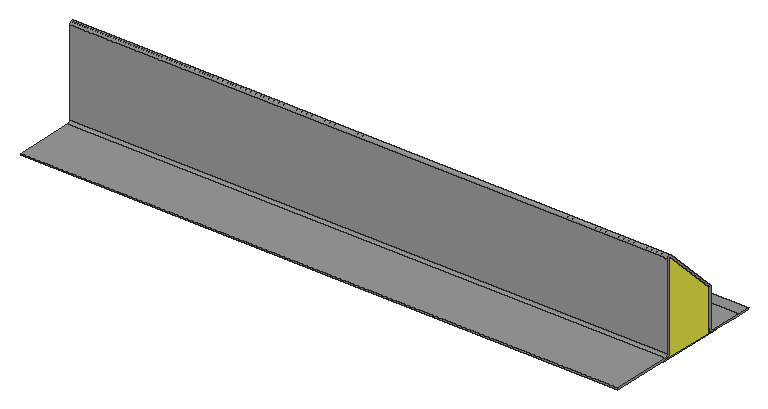
Revit family "SK 110 WIL", category Generic Models, Revit 2014
Parameters (values of type "Max lintel length 4000mm")
  URL = "http://www.keystonelintels.co.uk"
  Structural Opening [instance] = 900 mm
  Structural Performance = "The Keystone lintel range has safe working loads as detailed in each applicable loading table in the Keystone Lintel Guide brochure. The structural performance figures within each table have been ascertained by testing in accordance with the requirements of standards BS EN 5977-2: 1983 and BS EN 845-2: 2003."
  RIBA Productor Selector = "available for Keystone Lintels Ltd from Keystone Lintels Ltd from ribaproductselector.com"
  Model = "S/K 110 WIL"
  Min Length = 600 mm
  Min Clear Span = 300 mm
  Max Length = 4000 mm
  Max Clear Span = 4000 mm
  Material - Stainless Steel = "Grade 304 2b 1.4307 to BS EN 10088-2. Other grades available on request: contact manufacturer."
  Material - Galvanised Steel = "To BS EN 10346: 2009. DX51D plus Z600 or grade Z275 to BS 5977-2: 1983 (BS EN 845-2: 2003)."
  Manufacturer = "Keystone"
  Manufactured Length [instance] = (roundup(Effective Length / 150 mm) * 150 mm)  # 1200 mm
  Lintel height [instance] = 2100 mm
  Keynote = "F30/755"
  Fire Performance = "Keystone lintels have been subjected to a fire test (WARRES No. 101263) in accordance with BS 476-20: 1987, at Exova Warrington Fire and achieved a one hour fire performance."
  End Bearing = 150 mm
  Effective Length [instance] = Clear Opening with MIN MAX set + End Bearing * 2  # 1200 mm
  Corrosion = "Keystone’s standard range of lintels are manufactured from high quality grade pre-galvanized carbon steel with a zinc coating of 600"
  Contact Tel = "+44 (0)28 8676 2184"
  Contact Email = "info@keystonelintels.co.uk"
  Clear Opening with MIN MAX set [instance] = if(Structural Opening < Min Clear Span, Min Clear Span, (if(Structural Opening > Max Clear Span, Max Clear Span, Structural Opening)))  # 900 mm
  CPD Information = "Available for Keystone Lintels Ltd from ribacpd.com"
Reference planes
  plane 1 "Center (Front/Back)": y = 0
  plane 2: z = 0
  plane 3 "Center (Left/Right)": x = 0
  plane 4: x = -600
  plane 5: x = 600
  plane 6: z = 2100
  plane 7: x = -450
  plane 8: x = 450
Forms (mm)
  Extrusion 1, solid, not visible
    sketch origin (0, 972.458, 1220.046) x (0, 1, 0) y (0, 0, 1)
      loop
        line (-565.486, 1015.302) -> (-590.486, 1016.165) -> (-655.486, 1016.165)
        arc (-655.486, 1016.165) -> (-659.021, 1017.629) -> (-660.486, 1021.164) r 5
        line (-660.486, 1021.164) -> (-660.507, 1120.925)
        arc (-660.507, 1120.925) -> (-660.966, 1122.995) -> (-662.257, 1124.678) r 4.9
        line (-662.257, 1124.678) -> (-760.45, 1207.071)
        arc (-760.45, 1207.071) -> (-765.671, 1207.758) -> (-768.5, 1203.317) r 4.9
        line (-768.5, 1203.317) -> (-768.486, 1021.165)
        arc (-768.486, 1021.165) -> (-769.95, 1017.629) -> (-773.486, 1016.165) r 5
        line (-773.486, 1016.165) -> (-868.486, 1016.165) -> (-868.486, 1013.265) -> (-773.486, 1013.265)
        arc (-773.486, 1013.265) -> (-767.9, 1015.579) -> (-765.586, 1021.165) r 7.9
        line (-765.586, 1021.165) -> (-765.6, 1203.317)
        arc (-765.6, 1203.317) -> (-764.445, 1205.13) -> (-762.314, 1204.849) r 2
        line (-762.314, 1204.849) -> (-664.121, 1122.456)
        arc (-664.121, 1122.456) -> (-663.595, 1121.769) -> (-663.407, 1120.924) r 2
        line (-663.407, 1120.924) -> (-663.386, 1021.163)
        arc (-663.386, 1021.163) -> (-661.072, 1015.578) -> (-655.486, 1013.265) r 7.9
        line (-655.486, 1013.265) -> (-590.536, 1013.265) -> (-565.586, 1012.403) -> (-565.486, 1015.302)
    from 0 to 250
  Extrusion 2, solid, not visible
    sketch origin (0, 488.989, 1308.636) x (0, 1, 0) y (0, 0, 1)
      loop
        line (-663.386, 1021.163) -> (-663.407, 1120.924)
        arc (-663.407, 1120.924) -> (-663.595, 1121.769) -> (-664.121, 1122.456) r 2
        line (-664.121, 1122.456) -> (-762.314, 1204.849)
        arc (-762.314, 1204.849) -> (-764.445, 1205.13) -> (-765.6, 1203.317) r 2
        line (-765.6, 1203.317) -> (-765.586, 1021.165)
        arc (-765.586, 1021.165) -> (-767.9, 1015.579) -> (-773.486, 1013.265) r 7.9
        line (-773.486, 1013.265) -> (-665.22, 1013.265) -> (-665.22, 1021.265) -> (-664.22, 1021.265) -> (-664.22, 1013.265) -> (-655.486, 1013.265)
        arc (-655.486, 1013.265) -> (-661.072, 1015.578) -> (-663.386, 1021.163) r 7.9
    from 0 to 250
  Extrusion 3, solid, not visible
    sketch origin (0, 560.983, 904.032) x (0, 1, 0) y (0, 0, 1)
      loop
        line (-664.22, 1013.265) -> (-664.22, 1021.265) -> (-665.22, 1021.265) -> (-665.22, 1013.265) -> (-777.22, 1013.265) -> (-777.22, 1012.265) -> (-647.22, 1012.265) -> (-647.22, 1013.265) -> (-664.22, 1013.265)
    from 0 to 250
  Extrusion 4, solid, material "Steel"
    sketch origin (0, 700.641, -518.235) x (0, 1, 0) y (0, 0, 1)
      loop
        line (-577.991, 2621.435) -> (-642.991, 2621.435)
        arc (-642.991, 2621.435) -> (-646.527, 2622.899) -> (-647.991, 2626.435) r 5
        line (-647.991, 2626.435) -> (-647.991, 2700.471)
        arc (-647.991, 2700.471) -> (-648.387, 2702.461) -> (-649.515, 2704.148) r 5.2
        line (-649.515, 2704.148) -> (-747.115, 2801.725)
        arc (-747.115, 2801.725) -> (-752.781, 2802.851) -> (-755.991, 2798.047) r 5.2
        line (-755.991, 2798.047) -> (-755.991, 2626.435)
        arc (-755.991, 2626.435) -> (-757.455, 2622.899) -> (-760.991, 2621.435) r 5
        line (-760.991, 2621.435) -> (-880.991, 2621.435) -> (-880.991, 2618.235) -> (-760.991, 2618.235)
        arc (-760.991, 2618.235) -> (-755.193, 2620.637) -> (-752.791, 2626.435) r 8.2
        line (-752.791, 2626.435) -> (-752.791, 2798.058)
        arc (-752.791, 2798.058) -> (-751.636, 2799.871) -> (-749.505, 2799.59) r 2
        line (-749.505, 2799.59) -> (-651.777, 2701.885)
        arc (-651.777, 2701.885) -> (-651.343, 2701.236) -> (-651.191, 2700.471) r 2
        line (-651.191, 2700.471) -> (-651.191, 2626.435)
        arc (-651.191, 2626.435) -> (-648.789, 2620.637) -> (-642.991, 2618.235) r 8.2
        line (-642.991, 2618.235) -> (-578.05, 2618.235) -> (-553.101, 2617.308) -> (-552.981, 2620.532) -> (-577.991, 2621.435)
    from -600 to 600
  Extrusion 5, solid, material "Insulation"
    sketch origin (0, 700.641, -518.235) x (0, 1, 0) y (0, 0, 1)
      loop
        arc (-642.991, 2618.235) -> (-648.789, 2620.637) -> (-651.191, 2626.435) r 8.2
        line (-651.191, 2626.435) -> (-651.191, 2700.471)
        arc (-651.191, 2700.471) -> (-651.343, 2701.236) -> (-651.777, 2701.885) r 2
        line (-651.777, 2701.885) -> (-749.505, 2799.59)
        arc (-749.505, 2799.59) -> (-751.636, 2799.871) -> (-752.791, 2798.058) r 2
        line (-752.791, 2798.058) -> (-752.791, 2626.435)
        arc (-752.791, 2626.435) -> (-755.193, 2620.637) -> (-760.991, 2618.235) r 8.2
        line (-760.991, 2618.235) -> (-653.189, 2618.235) -> (-653.189, 2626.235) -> (-652.189, 2626.235) -> (-652.189, 2618.235) -> (-642.991, 2618.235)
    from -600 to 600
  Extrusion 6, solid, material "Steel"
    sketch origin (0, 700.641, -518.235) x (0, 1, 0) y (0, 0, 1)
      loop
        line (-635.189, 2618.235) -> (-652.189, 2618.235) -> (-652.189, 2626.235) -> (-653.189, 2626.235) -> (-653.189, 2618.235) -> (-765.189, 2618.235) -> (-765.189, 2617.235) -> (-635.189, 2617.235) -> (-635.189, 2618.235)
    from -600 to 600
  Extrusion 7, solid, not visible
    sketch origin (0, 923.321, 1189.844) x (0, 1, 0) y (0, 0, 1)
      loop
        line (-577.991, 1021.435) -> (-642.991, 1021.435)
        arc (-642.991, 1021.435) -> (-646.527, 1022.899) -> (-647.991, 1026.435) r 5
        line (-647.991, 1026.435) -> (-647.991, 1100.471)
        arc (-647.991, 1100.471) -> (-648.387, 1102.461) -> (-649.515, 1104.148) r 5.2
        line (-649.515, 1104.148) -> (-747.115, 1201.725)
        arc (-747.115, 1201.725) -> (-752.781, 1202.851) -> (-755.991, 1198.047) r 5.2
        line (-755.991, 1198.047) -> (-755.991, 1026.435)
        arc (-755.991, 1026.435) -> (-757.455, 1022.899) -> (-760.991, 1021.435) r 5
        line (-760.991, 1021.435) -> (-880.991, 1021.435) -> (-880.991, 1018.235) -> (-760.991, 1018.235)
        arc (-760.991, 1018.235) -> (-755.193, 1020.637) -> (-752.791, 1026.435) r 8.2
        line (-752.791, 1026.435) -> (-752.791, 1198.058)
        arc (-752.791, 1198.058) -> (-751.636, 1199.871) -> (-749.505, 1199.59) r 2
        line (-749.505, 1199.59) -> (-651.777, 1101.885)
        arc (-651.777, 1101.885) -> (-651.343, 1101.236) -> (-651.191, 1100.471) r 2
        line (-651.191, 1100.471) -> (-651.191, 1026.435)
        arc (-651.191, 1026.435) -> (-648.789, 1020.637) -> (-642.991, 1018.235) r 8.2
        line (-642.991, 1018.235) -> (-578.05, 1018.235) -> (-553.101, 1017.308) -> (-552.981, 1020.532) -> (-577.991, 1021.435)
    from 0 to 250
  Extrusion 8, solid, not visible
    sketch origin (0, 417.089, 1186.641) x (0, 1, 0) y (0, 0, 1)
      loop
        arc (-642.991, 1018.235) -> (-648.789, 1020.637) -> (-651.191, 1026.435) r 8.2
        line (-651.191, 1026.435) -> (-651.191, 1100.471)
        arc (-651.191, 1100.471) -> (-651.343, 1101.236) -> (-651.777, 1101.885) r 2
        line (-651.777, 1101.885) -> (-749.505, 1199.59)
        arc (-749.505, 1199.59) -> (-751.636, 1199.871) -> (-752.791, 1198.058) r 2
        line (-752.791, 1198.058) -> (-752.791, 1026.435)
        arc (-752.791, 1026.435) -> (-755.193, 1020.637) -> (-760.991, 1018.235) r 8.2
        line (-760.991, 1018.235) -> (-653.189, 1018.235) -> (-653.189, 1026.235) -> (-652.189, 1026.235) -> (-652.189, 1018.235) -> (-642.991, 1018.235)
    from 0 to 250
  Extrusion 9, solid, not visible
    sketch origin (0, 543.552, 993.384) x (0, 1, 0) y (0, 0, 1)
      loop
        line (-635.189, 1018.235) -> (-652.189, 1018.235) -> (-652.189, 1026.235) -> (-653.189, 1026.235) -> (-653.189, 1018.235) -> (-765.189, 1018.235) -> (-765.189, 1017.235) -> (-635.189, 1017.235) -> (-635.189, 1018.235)
    from 0 to 250
Dimensions and locks
  equal spacing: plane 4, plane 3 "Center (Left/Right)", plane 5
  "Manufactured Length": plane 4 to plane 5
  "Lintel height": plane 6 to level
  "Structural Opening": plane 7 to plane 8
  equal spacing: plane 7, plane 3 "Center (Left/Right)", plane 8
  aligned and locked: level to plane 2
  aligned and locked: Extrusion 4 to plane 6
  aligned and locked: Extrusion 5 to plane 6
  aligned and locked: plane 6 to Extrusion 6
  aligned and locked: plane 5 to Extrusion 4
  aligned and locked: Extrusion 4 to plane 4
  aligned and locked: Extrusion 5 to plane 4
  aligned and locked: plane 5 to Extrusion 5
  aligned and locked: plane 5 to Extrusion 6
  aligned and locked: Extrusion 6 to plane 4
Automatic sketch dimensions
  Extrusion 1 sketch curve to Extrusion 1 sketch curve = 0.1 mm
  Extrusion 1 sketch curve to Extrusion 1 sketch curve = 25 mm
  Extrusion 1 sketch curve to Extrusion 1 sketch curve = 2.898 mm
  Extrusion 1 sketch curve to Extrusion 1 sketch curve = 0.05 mm
  Extrusion 1 sketch curve to Extrusion 1 sketch curve = 64.95 mm
  Extrusion 1 sketch curve to Extrusion 1 sketch curve = 0 mm  (x17)
  Extrusion 1 sketch curve to Extrusion 1 sketch curve = 5 mm  (x2)
  Extrusion 1 sketch curve to Extrusion 1 sketch curve = 7.9 mm
  Extrusion 1 sketch curve to Extrusion 1 sketch curve = 2.9 mm  (x4)
  Extrusion 1 sketch curve to Extrusion 1 sketch curve = 0.021 mm
  Extrusion 1 sketch curve to Extrusion 1 sketch curve = 99.761 mm
  Extrusion 1 sketch curve to Extrusion 1 sketch curve = 0.001 mm
  Extrusion 1 sketch curve to Extrusion 1 sketch curve = 2 mm  (x2)
  Extrusion 1 sketch curve to Extrusion 1 sketch curve = 0.714 mm
  Extrusion 1 sketch curve to Extrusion 1 sketch curve = 1.864 mm  (x2)
  Extrusion 1 sketch curve to Extrusion 1 sketch curve = 98.193 mm
  Extrusion 1 sketch curve to Extrusion 1 sketch curve = 82.394 mm
  Extrusion 1 sketch curve to Extrusion 1 sketch curve = 2.222 mm
  Extrusion 1 sketch curve to Extrusion 1 sketch curve = 1.286 mm
  Extrusion 1 sketch curve to Extrusion 1 sketch curve = 1.532 mm
  Extrusion 1 sketch curve to Extrusion 1 sketch curve = 102.2 mm
  Extrusion 1 sketch curve to Extrusion 1 sketch curve = 0.002 mm
  Extrusion 1 sketch curve to Extrusion 1 sketch curve = 95 mm
  Extrusion 2 sketch curve to Extrusion 2 sketch curve = 7.886 mm
  Extrusion 2 sketch curve to Extrusion 2 sketch curve = 7.9 mm  (x2)
  Extrusion 2 sketch curve to Extrusion 2 sketch curve = 2 mm
  Extrusion 2 sketch curve to Extrusion 2 sketch curve = 1.286 mm  (x2)
  Extrusion 2 sketch curve to Extrusion 2 sketch curve = 98.193 mm
  Extrusion 2 sketch curve to Extrusion 2 sketch curve = 0.187 mm
  Extrusion 2 sketch curve to Extrusion 2 sketch curve = 1 mm
  Extrusion 2 sketch curve to Extrusion 2 sketch curve = 0.714 mm
  Extrusion 2 sketch curve to Extrusion 2 sketch curve = 0.834 mm
  Extrusion 2 sketch curve to Extrusion 2 sketch curve = 0 mm  (x3)
  Extrusion 2 sketch curve to Extrusion 2 sketch curve = 7.898 mm
  Extrusion 2 sketch curve to Extrusion 2 sketch curve = 0.001 mm
  Extrusion 2 sketch curve to Extrusion 2 sketch curve = 0.102 mm
  Extrusion 2 sketch curve to Extrusion 2 sketch curve = 99.659 mm
  Extrusion 2 sketch curve to Extrusion 2 sketch curve = 82.393 mm
  Extrusion 3 sketch curve to Extrusion 3 sketch curve = 17 mm
  Extrusion 3 sketch curve to Extrusion 3 sketch curve = 8 mm
  Extrusion 3 sketch curve to Extrusion 3 sketch curve = 1 mm  (x2)
  Extrusion 3 sketch curve to Extrusion 3 sketch curve = 0 mm
  Extrusion 3 sketch curve to Extrusion 3 sketch curve = 112 mm
  Extrusion 4 sketch curve to Extrusion 4 sketch curve = 0.12 mm
  Extrusion 4 sketch curve to Extrusion 4 sketch curve = 25.01 mm
  Extrusion 4 sketch curve to Extrusion 4 sketch curve = 3.224 mm
  Extrusion 4 sketch curve to Extrusion 4 sketch curve = 0.903 mm
  Extrusion 4 sketch curve to Extrusion 4 sketch curve = 0.059 mm
  Extrusion 4 sketch curve to Extrusion 4 sketch curve = 64.941 mm
  Extrusion 4 sketch curve to Extrusion 4 sketch curve = 0 mm  (x12)
  Extrusion 4 sketch curve to Extrusion 4 sketch curve = 5 mm  (x2)
  Extrusion 4 sketch curve to Extrusion 4 sketch curve = 74.036 mm
  Extrusion 4 sketch curve to Extrusion 4 sketch curve = 2 mm
  Extrusion 4 sketch curve to Extrusion 4 sketch curve = 0.586 mm
  Extrusion 4 sketch curve to Extrusion 4 sketch curve = 2.262 mm
  Extrusion 4 sketch curve to Extrusion 4 sketch curve = 97.6 mm
  Extrusion 4 sketch curve to Extrusion 4 sketch curve = 97.577 mm
  Extrusion 4 sketch curve to Extrusion 4 sketch curve = 2.391 mm
  Extrusion 4 sketch curve to Extrusion 4 sketch curve = 2.135 mm
  Extrusion 4 sketch curve to Extrusion 4 sketch curve = 1.286 mm
  Extrusion 4 sketch curve to Extrusion 4 sketch curve = 1.543 mm
  Extrusion 4 sketch curve to Extrusion 4 sketch curve = 0.011 mm
  Extrusion 4 sketch curve to Extrusion 4 sketch curve = 120 mm
  Extrusion 5 sketch curve to Extrusion 5 sketch curve = 2 mm
  Extrusion 5 sketch curve to Extrusion 5 sketch curve = 1.286 mm
  Extrusion 5 sketch curve to Extrusion 5 sketch curve = 99.6 mm
  Extrusion 5 sketch curve to Extrusion 5 sketch curve = 0.002 mm
  Extrusion 5 sketch curve to Extrusion 5 sketch curve = 1 mm
  Extrusion 5 sketch curve to Extrusion 5 sketch curve = 1.414 mm
  Extrusion 5 sketch curve to Extrusion 5 sketch curve = 0.586 mm
  Extrusion 5 sketch curve to Extrusion 5 sketch curve = 9.198 mm
  Extrusion 5 sketch curve to Extrusion 5 sketch curve = 0 mm
  Extrusion 5 sketch curve to Extrusion 5 sketch curve = 0.2 mm
  Extrusion 5 sketch curve to Extrusion 5 sketch curve = 8.2 mm
  Extrusion 5 sketch curve to Extrusion 5 sketch curve = 74.036 mm
  Extrusion 5 sketch curve to Extrusion 5 sketch curve = 97.587 mm
  Extrusion 6 sketch curve to Extrusion 6 sketch curve = 17 mm
  Extrusion 6 sketch curve to Extrusion 6 sketch curve = 8 mm
  Extrusion 6 sketch curve to Extrusion 6 sketch curve = 1 mm  (x2)
  Extrusion 6 sketch curve to Extrusion 6 sketch curve = 0 mm
  Extrusion 6 sketch curve to Extrusion 6 sketch curve = 112 mm
  Extrusion 7 sketch curve to Extrusion 7 sketch curve = 0.12 mm
  Extrusion 7 sketch curve to Extrusion 7 sketch curve = 25.01 mm
  Extrusion 7 sketch curve to Extrusion 7 sketch curve = 3.224 mm
  Extrusion 7 sketch curve to Extrusion 7 sketch curve = 0.903 mm
  Extrusion 7 sketch curve to Extrusion 7 sketch curve = 0.059 mm
  Extrusion 7 sketch curve to Extrusion 7 sketch curve = 64.941 mm
  Extrusion 7 sketch curve to Extrusion 7 sketch curve = 0 mm  (x12)
  Extrusion 7 sketch curve to Extrusion 7 sketch curve = 5 mm  (x2)
  Extrusion 7 sketch curve to Extrusion 7 sketch curve = 74.036 mm
  Extrusion 7 sketch curve to Extrusion 7 sketch curve = 2 mm
  Extrusion 7 sketch curve to Extrusion 7 sketch curve = 0.586 mm
  Extrusion 7 sketch curve to Extrusion 7 sketch curve = 2.262 mm
  Extrusion 7 sketch curve to Extrusion 7 sketch curve = 97.6 mm
  Extrusion 7 sketch curve to Extrusion 7 sketch curve = 97.577 mm
  Extrusion 7 sketch curve to Extrusion 7 sketch curve = 2.391 mm
  Extrusion 7 sketch curve to Extrusion 7 sketch curve = 2.135 mm
  Extrusion 7 sketch curve to Extrusion 7 sketch curve = 1.286 mm
  Extrusion 7 sketch curve to Extrusion 7 sketch curve = 1.543 mm
  Extrusion 7 sketch curve to Extrusion 7 sketch curve = 0.011 mm
  Extrusion 7 sketch curve to Extrusion 7 sketch curve = 120 mm
  Extrusion 8 sketch curve to Extrusion 8 sketch curve = 2 mm
  Extrusion 8 sketch curve to Extrusion 8 sketch curve = 1.286 mm
  Extrusion 8 sketch curve to Extrusion 8 sketch curve = 99.6 mm
  Extrusion 8 sketch curve to Extrusion 8 sketch curve = 0.002 mm
  Extrusion 8 sketch curve to Extrusion 8 sketch curve = 1 mm
  Extrusion 8 sketch curve to Extrusion 8 sketch curve = 1.414 mm
  Extrusion 8 sketch curve to Extrusion 8 sketch curve = 0.586 mm
  Extrusion 8 sketch curve to Extrusion 8 sketch curve = 9.198 mm
  Extrusion 8 sketch curve to Extrusion 8 sketch curve = 0 mm
  Extrusion 8 sketch curve to Extrusion 8 sketch curve = 0.2 mm
  Extrusion 8 sketch curve to Extrusion 8 sketch curve = 8.2 mm
  Extrusion 8 sketch curve to Extrusion 8 sketch curve = 74.036 mm
  Extrusion 8 sketch curve to Extrusion 8 sketch curve = 97.587 mm
  Extrusion 9 sketch curve to Extrusion 9 sketch curve = 17 mm
  Extrusion 9 sketch curve to Extrusion 9 sketch curve = 8 mm
  Extrusion 9 sketch curve to Extrusion 9 sketch curve = 1 mm  (x2)
  Extrusion 9 sketch curve to Extrusion 9 sketch curve = 0 mm
  Extrusion 9 sketch curve to Extrusion 9 sketch curve = 112 mm
  Extrusion 5 sketch curve to plane 6 = 0 mm
  plane 1 "Center (Front/Back)" to Extrusion 5 sketch curve = 60.35 mm
  Extrusion 4 sketch curve to plane 6 = 0 mm
  plane 1 "Center (Front/Back)" to Extrusion 4 sketch curve = 180.35 mm
  Extrusion 6 sketch curve to plane 6 = 0 mm
  plane 1 "Center (Front/Back)" to Extrusion 6 sketch curve = 64.547 mm
